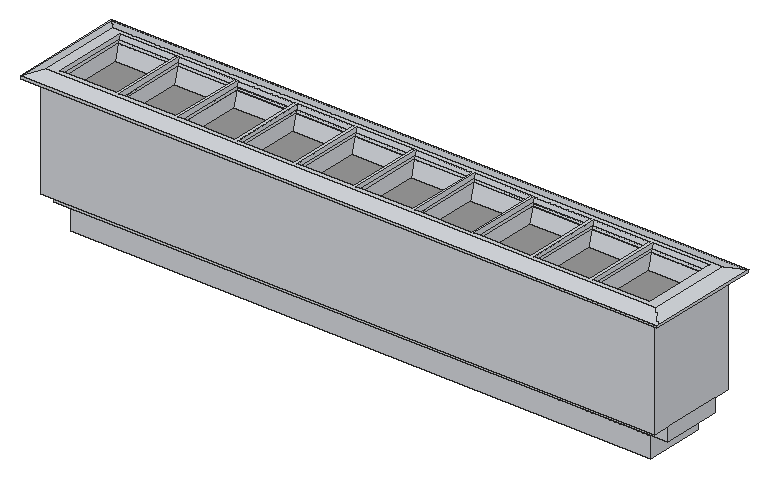
Revit family "2061195 Sylvania Lighting Fixture DOMINO 10xLED 930 BLACK MB TRIM BLACK", category Lighting Fixtures, host Face, Revit 2018
Family settings
  Host = Face
  Round Connector Dimension = Use Diameter
  Part Type = Normal
  OmniClass Number = 23.80.70.00
  OmniClass Title = Lighting
  Cut with Voids When Loaded = No
  Light Source = Yes
  Shared = No
  Room Calculation Point = No
Parameters (values of type "2061195 DOMINO 10XLED 930 BLACK MB TR BLK ")
  top top width = 15.812 mm
  top top length = 255 mm
  Width = 50 mm
  Weight = "n/a"
  Wattage Comments = ""
  Wattage = 9.2903 W
  WarrantyStartDate [instance] = "n/a"
  WarrantyGuarantorParts = "n/a"
  WarrantyDurationUnit = "n/a"
  WarrantyDurationParts = ""
  WarrantyDescription = "http://www.sylvania-lighting.com"
  built-in parameter 1150110 = 1 (stored number, unit not read)
  Voltage = 0 V
  URL = "0.95"
  TypeName = "DOMINO 10xLED 930 BLACK MB TRIM BLACK"
  Type Image = <None>
  Type Comments = "n/a"
  built-in parameter 1114217 = 1 (stored number, unit not read)
  Top Width = 26 mm
  Tilt Angle = 90.00°
  built-in parameter 1150109 = 1 (stored number, unit not read)
  built-in parameter 1150134 = 3
  built-in parameter 1150113 = 1 (stored number, unit not read)
  SerialNumber [instance] = "n/a"
  Recessed Width = 43 mm
  Recessed Length = 276 mm
  Photometric Web File = "2061195.ies"
  Material_3_FEILO = none
  PowerFactor = 0
  PowerConsumption = "Lighting"
  NominalLength = 50 mm
  NominalHeight = 0 mm
  NominalDepth = 0 mm
  Name = "DOMINO 10xLED 930 BLACK MB TRIM BLACK"
  ModelReference = Name  # "DOMINO 10xLED 930 BLACK MB TRIM BLACK"
  ModelNumber = "2061195"
  Model = Name  # "DOMINO 10xLED 930 BLACK MB TRIM BLACK"
  Material = "Feilo Sylvania"
  ManufacturerName = "62 lm/W"
  Manufacturer = ""
  LuminousEfficacy = ""
  built-in parameter 1150105 = 109.82 (stored number, unit not read)
  Lumens = 1380 lm
  LuminaireType = "0"
  built-in parameter 1150115 = 1 (stored number, unit not read)
  LightOutputRatio = "LED"
  built-in parameter 1150137 = (empty or 0)
  built-in parameter 1150139 = (empty or 0)
  Lens inside recess = 25 mm
  Lens Width = 32 mm
  Lens Outside recess = 31.978 mm
  Lens = Glass, White, High Luminance
  Length = 280 mm
  LampsType = Lamp  # "n/a"
  LampNominalLuminous = "3000 K"
  LampMacAdamStep = "90"
  LampColourTemperature = "LED"
  LampColourRenderingIndex = "16500"
  built-in parameter 1150112 = 1 (stored number, unit not read)
  built-in parameter 1150114 = 1 (stored number, unit not read)
  Lamp = "n/a"
  Keynote = "n/a"
  InstallationDate [instance] = "n/a"
  InputVoltage = "0"
  InputNominalFrequency = "3000"
  built-in parameter 1150132 = (empty or 0)
  built-in parameter 1150102 = (empty or 0)
  built-in parameter 1150107 = 3200 (stored number, unit not read)
  built-in parameter 1150138 = (empty or 0)
  IngressProtection = "IfcLightFixtureType"
  ImpactProtectionIndex = "IfcLightFixtureType"
  built-in parameter 1150106 = 1.0982 (stored number, unit not read)
  IfcExportType = "IfcLightFixtureType"
  IfcExportAs = "Class II"
  Facia internal width = 37 mm
  Facia internal length = 268 mm
  Facia Height = 2 mm
  ExpectedLife = 50000
  Emit from Circle Diameter = 609.6 mm
  Emit Shape Visible in Rendering = no
  ElectricShockClassification = "62"
  built-in parameter 1150104 = 13.8 (stored number, unit not read)
  DurationUnit = "hours"
  DocumentationLiterature = "http://www.sylvania-lighting.com/product/en-int/products/2061195"
  DimmingControlOptions = "n/a"
  Material_2_FEILO = none
  Dimming Lamp Color Temperature Shift = <None>
  Description = "Modular LED recessed linear spotlight, ideal for retail and hospitality applications. Die-cast aluminium body, passive cooling. Two levels of reflector installation, low glaring UGR<16. 10x LED source, 30° beam angle , optics: PMMA lens and polycarbonate reflector combination, Black matt reflector finish. Light color temperature: 3000K warm white, total system power: 23W , total fixture lumen output: 1425lm, efficacy: 62 lm/W, Ra90 typical, LED chromacity: 3 step MacAdam ellipse (SDCM3), lifespan: 96,000 hours at 90% of the original output (L90B10), IR/UV free light source without heat radiation, operating voltage: 220-240V / 50-60Hz, electronic driver, ultra low flicker, non-dimmable , electrical protection: Class II. Degree of Protection: IP40/IP20, suitable for indoor environment only. Ceiling cut-out: 43x43mm, outer dimensions:  280x50mm trim frame RAL 9005 - Jet black color.5 years Warranty."
  Default Elevation = 1219.2 mm
  CreatedOn = "11/02/2021"
  CreatedBy = "@sylvania-lighting.com"
  Cost = 0
  Color Filter = 16777215
  built-in parameter 1114216 [instance] = (empty or 0)
  ClassificationValue = "EF_70_80"
  ClassificationName = "Uniclass2015"
  Material_1_FEILO = none
  Body Width = 40 mm
  Body Length = 270 mm
  BarCode [instance] = "n/a"
  built-in parameter 1114218 = 1 (stored number, unit not read)
  built-in parameter 1150133 = 10 (stored number, unit not read)
  AssetType = "Fixed"
  AssetIdentifier [instance] = "n/a"
  Assembly Code = "D5020200"
  Apparent Load = 23 VA
  Material_4_FEILO = none
Reference planes
  plane 1 "Center (Front/Back)": y = 0
  plane 2: z = 0
  plane 3 "Center (Left/Right)": x = 0
  plane 4: z = 0
  plane 5: z = -7
  plane 6: z = -45.895
  plane 7: z = -51.895
  plane 8: z = -60.895
  plane 9: x = -138
  plane 10: x = 138
  plane 11: y = 21.5
  plane 12: y = -21.5
  plane 13: x = -140
  plane 14: x = 140
  plane 15: y = 25
  plane 16: y = -25
  plane 17: x = 134
  plane 18: x = -134
  plane 19: y = 18.5
  plane 20: y = -18.5
  plane 21: z = 2
  plane 22: x = -135
  plane 23: x = 135
  plane 24: y = 20
  plane 25: y = -20
  plane 26: y = 13
  plane 27: y = -13
  plane 28: x = 127.5
  plane 29: x = -127.5
  plane 30: x = -132
  plane 31: y = 16.5
  plane 32: y = -16.472
  plane 33: y = 13
  plane 34: y = -12.972
  plane 35: x = 129.7
  plane 36: x = 127.224
Forms (mm)
  Extrusion 1, solid, not visible, detail levels medium+fine
    sketch origin (4.2, 0, 0) x (1, 0, 0) y (0, 1, 0)
      loop
        line (-29.2, 34.5) -> (-29.2, -34.5) -> (20.8, -34.5) -> (20.8, 34.5) -> (-29.2, 34.5)
    from 0 to 1
  Extrusion 2, solid, not visible, detail levels medium+fine
    sketch origin (4.044, 0, 0) x (1, 0, 0) y (0, 1, 0)
      loop
        line (-29.2, 34.5) -> (-29.2, -34.5) -> (20.8, -34.5) -> (20.8, 34.5) -> (-29.2, 34.5)
    from 0 to 1
  Blend 3, solid, not visible, detail levels medium+fine
    base sketch origin (4.2, 0, 0) x (1, 0, 0) y (0, 1, 0)
      loop
        line (-29.2, 34.5) -> (-29.2, -34.5) -> (20.8, -34.5) -> (20.8, 34.5) -> (-29.2, 34.5)
    top sketch origin (4.2, 0, 0) x (1, 0, 0) y (0, 1, 0)
      loop
        line (-21.7, 28) -> (-21.7, -28) -> (13.3, -28) -> (13.3, 28) -> (-21.7, 28)
    from 1 to 3
  Extrusion 4, solid, not visible, detail levels medium+fine
    sketch origin (3.419, 0, 0) x (1, 0, 0) y (0, 1, 0)
      loop
        line (-29.2, 34.5) -> (-29.2, -34.5) -> (20.8, -34.5) -> (20.8, 34.5) -> (-29.2, 34.5)
    from 0 to 1
  Blend 5, solid, not visible, detail levels medium+fine
    base sketch origin (3.575, 0, 0) x (1, 0, 0) y (0, 1, 0)
      loop
        line (-29.2, 34.5) -> (-29.2, -34.5) -> (20.8, -34.5) -> (20.8, 34.5) -> (-29.2, 34.5)
    top sketch origin (3.575, 0, 0) x (1, 0, 0) y (0, 1, 0)
      loop
        line (-21.7, 28) -> (-21.7, -28) -> (13.3, -28) -> (13.3, 28) -> (-21.7, 28)
    from 1 to 3
  Extrusion 6, solid, not visible, detail levels medium+fine
    sketch origin (4.247, 0, 0) x (1, 0, 0) y (0, 1, 0)
      loop
        line (-29.2, 34.5) -> (-29.2, -34.5) -> (20.8, -34.5) -> (20.8, 34.5) -> (-29.2, 34.5)
    from 0 to 1
  Blend 7, solid, not visible, detail levels medium+fine
    base sketch origin (4.403, 0, 0) x (1, 0, 0) y (0, 1, 0)
      loop
        line (-29.2, 34.5) -> (-29.2, -34.5) -> (20.8, -34.5) -> (20.8, 34.5) -> (-29.2, 34.5)
    top sketch origin (4.403, 0, 0) x (1, 0, 0) y (0, 1, 0)
      loop
        line (-21.7, 28) -> (-21.7, -28) -> (13.3, -28) -> (13.3, 28) -> (-21.7, 28)
    from 1 to 3
  Extrusion 8, void, detail levels medium+fine
    sketch origin (4.2, 0, 0) x (0, 1, 0) y (1, 0, 0)
      loop
        line (21.5, -142.2) -> (21.5, 133.8) -> (-21.5, 133.8) -> (-21.5, -142.2) -> (21.5, -142.2)
    from -9.934 to 83.097
  Extrusion 9, solid, detail levels medium+fine
    sketch origin (4.2, 0, 0) x (1, 0, 0) y (0, 1, 0)
      loop
        line (-144.2, 25) -> (-144.2, -25) -> (135.8, -25) -> (135.8, 25) -> (-144.2, 25)
    from 0 to 1
  Extrusion 10, solid, detail levels medium+fine
    sketch origin (4.2, 0, 0) x (1, 0, 0) y (0, 1, 0)
      loop
        line (-139.2, 20) -> (-139.2, -20) -> (130.8, -20) -> (130.8, 20) -> (-139.2, 20)
    from 0 to -45.895
  Extrusion 11, solid, detail levels medium+fine
    sketch origin (4.2, 0, 0) x (1, 0, 0) y (0, 1, 0)
      loop
        line (-139.2, 13) -> (-139.2, -13) -> (130.8, -13) -> (130.8, 13) -> (-139.2, 13)
    from -51.895 to -45.895
  Extrusion 12, solid, material "Glass, White, High Luminance" <- "Lens", detail levels fine
    sketch origin (-53.155, 1221.106, 36.156) x (1, 0, 0) y (0, 1, 0)
      loop
        line (-76.18, -1206.856) -> (-76.18, -1232.856) -> (-52.18, -1232.856) -> (-52.18, -1206.856) -> (-76.18, -1206.856)
    from -43.156 to -42.182
  Blend 13, solid, detail levels medium+fine
    base sketch origin (4.2, 0, 0) x (1, 0, 0) y (0, 1, 0)
      loop
        line (-144.2, 25) -> (-144.2, -25) -> (135.8, -25) -> (135.8, 25) -> (-144.2, 25)
    top sketch origin (4.2, 0, 0) x (1, 0, 0) y (0, 1, 0)
      loop
        line (-138.2, 18.5) -> (-138.2, -18.5) -> (129.8, -18.5) -> (129.8, 18.5) -> (-138.2, 18.5)
    from 1 to 3
  Extrusion 14, solid, detail levels fine
    sketch origin (0, 0, 0) x (1, 0, 0) y (0, 0, 1)
      loop
        line (-127.5, -51.895) -> (-127.5, -60.895) -> (127.5, -60.895) -> (127.5, -51.895) -> (-127.5, -51.895)
    from -13 to 13
  Blend 15, void
    base sketch origin (-59.8, 0, 0) x (0, 1, 0) y (-1, 0, 0)
      loop
        line (16.5, 69.7) -> (-16.472, 69.7) -> (-16.472, 44.7) -> (16.5, 44.7) -> (16.5, 69.7)
    top sketch origin (-59.8, 0, 0) x (0, 1, 0) y (-1, 0, 0)
      loop
        line (13, 69.2) -> (-12.972, 69.2) -> (-12.972, 45.2) -> (13, 45.2) -> (13, 69.2)
    from 3 to -7
  Blend 16, void
    base sketch origin (18.282, 0, 0) x (0, 1, 0) y (-1, 0, 0)
      loop
        line (16.5, 69.7) -> (-16.472, 69.7) -> (-16.472, 44.7) -> (16.5, 44.7) -> (16.5, 69.7)
    top sketch origin (18.282, 0, 0) x (0, 1, 0) y (-1, 0, 0)
      loop
        line (13, 69.2) -> (-12.972, 69.2) -> (-12.972, 45.2) -> (13, 45.2) -> (13, 69.2)
    from 3 to -7
  Blend 17, void
    base sketch origin (44.284, -0.017, 0) x (0, 1, 0) y (-1, 0, 0)
      loop
        line (16.5, 69.7) -> (-16.472, 69.7) -> (-16.472, 44.7) -> (16.5, 44.7) -> (16.5, 69.7)
    top sketch origin (44.284, -0.017, 0) x (0, 1, 0) y (-1, 0, 0)
      loop
        line (13, 69.2) -> (-12.972, 69.2) -> (-12.972, 45.2) -> (13, 45.2) -> (13, 69.2)
    from 3 to -7
  Blend 18, void
    base sketch origin (70.327, 0, 0) x (0, 1, 0) y (-1, 0, 0)
      loop
        line (16.5, 69.7) -> (-16.472, 69.7) -> (-16.472, 44.7) -> (16.5, 44.7) -> (16.5, 69.7)
    top sketch origin (70.327, 0, 0) x (0, 1, 0) y (-1, 0, 0)
      loop
        line (13, 69.2) -> (-12.972, 69.2) -> (-12.972, 45.2) -> (13, 45.2) -> (13, 69.2)
    from 3 to -7
  Blend 19, void
    base sketch origin (96.351, 0, 0) x (0, 1, 0) y (-1, 0, 0)
      loop
        line (16.5, 69.7) -> (-16.472, 69.7) -> (-16.472, 44.7) -> (16.5, 44.7) -> (16.5, 69.7)
    top sketch origin (96.351, 0, 0) x (0, 1, 0) y (-1, 0, 0)
      loop
        line (13, 69.2) -> (-12.972, 69.2) -> (-12.972, 45.2) -> (13, 45.2) -> (13, 69.2)
    from 3 to -7
  Extrusion 20, solid, material "Glass, White, High Luminance" <- "Lens", detail levels fine
    sketch origin (-29.269, 1219.946, 36.156) x (1, 0, 0) y (0, 1, 0)
      loop
        line (-73.723, -1206.946) -> (-73.723, -1232.946) -> (-49.723, -1232.946) -> (-49.723, -1206.946) -> (-73.723, -1206.946)
    from -43.156 to -42.182
  Extrusion 21, solid, material "Glass, White, High Luminance" <- "Lens", detail levels fine
    sketch origin (-0.613, 1219.733, 36.156) x (1, 0, 0) y (0, 1, 0)
      loop
        line (-76.347, -1206.7) -> (-76.347, -1232.733) -> (-52.347, -1232.733) -> (-52.347, -1206.7) -> (-76.347, -1206.7)
    from -43.156 to -42.182
  Extrusion 22, solid, material "Glass, White, High Luminance" <- "Lens", detail levels fine
    sketch origin (24.387, 1218.509, 36.156) x (1, 0, 0) y (0, 1, 0)
      loop
        line (-75.305, -1205.509) -> (-75.305, -1231.509) -> (-51.305, -1231.509) -> (-51.305, -1205.509) -> (-75.305, -1205.509)
    from -43.156 to -42.182
  Extrusion 23, solid, material "Glass, White, High Luminance" <- "Lens", detail levels fine
    sketch origin (51.187, 1219.547, 36.156) x (1, 0, 0) y (0, 1, 0)
      loop
        line (-76.102, -1206.547) -> (-76.102, -1232.547) -> (-52.102, -1232.547) -> (-52.102, -1206.547) -> (-76.102, -1206.547)
    from -43.156 to -42.182
  Blend 24, void
    base sketch origin (-33.792, 0, 0) x (0, 1, 0) y (-1, 0, 0)
      loop
        line (16.5, 69.7) -> (-16.472, 69.7) -> (-16.472, 44.7) -> (16.5, 44.7) -> (16.5, 69.7)
    top sketch origin (-33.792, 0, 0) x (0, 1, 0) y (-1, 0, 0)
      loop
        line (13, 69.2) -> (-12.972, 69.2) -> (-12.972, 45.2) -> (13, 45.2) -> (13, 69.2)
    from 3 to -7
  Blend 25, void
    base sketch origin (-7.76, 0, 0) x (0, 1, 0) y (-1, 0, 0)
      loop
        line (16.5, 69.7) -> (-16.472, 69.7) -> (-16.472, 44.7) -> (16.5, 44.7) -> (16.5, 69.7)
    top sketch origin (-7.76, 0, 0) x (0, 1, 0) y (-1, 0, 0)
      loop
        line (13, 69.2) -> (-12.972, 69.2) -> (-12.972, 45.2) -> (13, 45.2) -> (13, 69.2)
    from 3 to -7
  Blend 26, void
    base sketch origin (122.411, 0, 0) x (0, 1, 0) y (-1, 0, 0)
      loop
        line (16.5, 69.7) -> (-16.472, 69.7) -> (-16.472, 44.7) -> (16.5, 44.7) -> (16.5, 69.7)
    top sketch origin (122.411, 0, 0) x (0, 1, 0) y (-1, 0, 0)
      loop
        line (13, 69.2) -> (-12.972, 69.2) -> (-12.972, 45.2) -> (13, 45.2) -> (13, 69.2)
    from 3 to -7
  Extrusion 27, solid, material "Glass, White, High Luminance" <- "Lens", detail levels fine
    sketch origin (77.265, 1219.547, 36.156) x (1, 0, 0) y (0, 1, 0)
      loop
        line (-76.102, -1206.547) -> (-76.102, -1232.547) -> (-52.102, -1232.547) -> (-52.102, -1206.547) -> (-76.102, -1206.547)
    from -43.156 to -42.182
  Extrusion 28, solid, material "Glass, White, High Luminance" <- "Lens", detail levels fine
    sketch origin (100.753, 1219.547, 36.156) x (1, 0, 0) y (0, 1, 0)
      loop
        line (-76.102, -1206.547) -> (-76.102, -1232.547) -> (-52.102, -1232.547) -> (-52.102, -1206.547) -> (-76.102, -1206.547)
    from -43.156 to -42.182
  Extrusion 29, solid, material "Glass, White, High Luminance" <- "Lens", detail levels fine
    sketch origin (129.314, 1219.547, 36.156) x (1, 0, 0) y (0, 1, 0)
      loop
        line (-76.102, -1206.547) -> (-76.102, -1232.547) -> (-52.102, -1232.547) -> (-52.102, -1206.547) -> (-76.102, -1206.547)
    from -43.156 to -42.182
  Blend 30, void
    base sketch origin (148.416, 0, 0) x (0, 1, 0) y (-1, 0, 0)
      loop
        line (16.5, 69.7) -> (-16.472, 69.7) -> (-16.472, 44.7) -> (16.5, 44.7) -> (16.5, 69.7)
    top sketch origin (148.416, 0, 0) x (0, 1, 0) y (-1, 0, 0)
      loop
        line (13, 69.2) -> (-12.972, 69.2) -> (-12.972, 45.2) -> (13, 45.2) -> (13, 69.2)
    from 3 to -7
  Extrusion 31, solid, material "Glass, White, High Luminance" <- "Lens", detail levels fine
    sketch origin (155.278, 1219.547, 36.156) x (1, 0, 0) y (0, 1, 0)
      loop
        line (-76.102, -1206.547) -> (-76.102, -1232.547) -> (-52.102, -1232.547) -> (-52.102, -1206.547) -> (-76.102, -1206.547)
    from -43.156 to -42.182
  Blend 32, void
    base sketch origin (174.42, 0, 0) x (0, 1, 0) y (-1, 0, 0)
      loop
        line (16.5, 69.7) -> (-16.472, 69.7) -> (-16.472, 44.7) -> (16.5, 44.7) -> (16.5, 69.7)
    top sketch origin (174.42, 0, 0) x (0, 1, 0) y (-1, 0, 0)
      loop
        line (13, 69.2) -> (-12.972, 69.2) -> (-12.972, 45.2) -> (13, 45.2) -> (13, 69.2)
    from 3 to -7
  Extrusion 33, solid, material "Glass, White, High Luminance" <- "Lens", detail levels fine
    sketch origin (181.434, 1219.547, 36.156) x (1, 0, 0) y (0, 1, 0)
      loop
        line (-76.214, -1206.547) -> (-76.214, -1232.547) -> (-52.214, -1232.547) -> (-52.214, -1206.547) -> (-76.214, -1206.547)
    from -43.156 to -42.182
  Extrusion 34, solid, detail levels coarse
    sketch origin (4.2, 0, 0) x (1, 0, 0) y (0, 1, 0)
      loop
        line (-144.2, 25) -> (-144.2, -25) -> (135.8, -25) -> (135.8, 25) -> (-144.2, 25)
    from -60.895 to 3
Cuts and joins
  Blend 15, Blend 16, Blend 17, Blend 18, Blend 19, Blend 24, Blend 25, Blend 26, Blend 30, Blend 32 cuts Extrusion 9
  Blend 15, Blend 16, Blend 17, Blend 18, Blend 19, Blend 24, Blend 25, Blend 26, Blend 30, Blend 32 cuts Extrusion 10
  Blend 15, Blend 16, Blend 17, Blend 18, Blend 19, Blend 24, Blend 25, Blend 26, Blend 30, Blend 32 cuts Blend 13
  Blend 32 cuts Extrusion 31
Dimensions and locks
  "Recessed Length": plane 9 to plane 10
  equal spacing: plane 9, plane 3 "Center (Left/Right)", plane 10
  "Length": plane 13 to plane 14
  equal spacing: plane 13, plane 3 "Center (Left/Right)", plane 14
  "Recessed Width": plane 11 to plane 12
  equal spacing: plane 11, plane 1 "Center (Front/Back)", plane 12
  "Width": plane 15 to plane 16
  equal spacing: plane 15, plane 1 "Center (Front/Back)", plane 16
  "Facia internal length": plane 18 to plane 17
  equal spacing: plane 18, plane 3 "Center (Left/Right)", plane 17
  "Facia internal width": plane 19 to plane 20
  equal spacing: plane 19, plane 1 "Center (Front/Back)", plane 20
  "Facia Height": plane 21 to host face
  "Body Length": plane 22 to plane 23
  equal spacing: plane 22, plane 3 "Center (Left/Right)", plane 23
  "Body Width": plane 24 to plane 25
  equal spacing: plane 24, plane 1 "Center (Front/Back)", plane 25
  "Top Width": plane 26 to plane 27
  equal spacing: plane 26, plane 1 "Center (Front/Back)", plane 27
  "top top length": plane 29 to plane 28
  equal spacing: plane 29, plane 3 "Center (Left/Right)", plane 28  (x2)
  plane 28 to plane 29 = 255 mm
  equal spacing: plane 28, plane 3 "Center (Left/Right)", plane 29
  aligned and locked: plane 2 to host face
  aligned and locked: level to host face
  aligned and locked: Extrusion 11 to plane 7
  aligned and locked: Extrusion 10 to plane 6
  aligned and locked: Extrusion 12 to plane 5
Automatic sketch dimensions
  Extrusion 1 sketch curve to Extrusion 1 sketch curve = 50 mm
  Extrusion 1 sketch curve to Extrusion 1 sketch curve = 69 mm
  Extrusion 2 sketch curve to Extrusion 2 sketch curve = 50 mm
  Extrusion 2 sketch curve to Extrusion 2 sketch curve = 69 mm
  Blend 3 sketch curve to Blend 3 sketch curve = 50 mm
  Blend 3 sketch curve to Blend 3 sketch curve = 69 mm
  Blend 3 sketch curve to Blend 3 sketch curve = 35 mm
  Blend 3 sketch curve to Blend 3 sketch curve = 56 mm
  Extrusion 4 sketch curve to Extrusion 4 sketch curve = 50 mm
  Extrusion 4 sketch curve to Extrusion 4 sketch curve = 69 mm
  Blend 5 sketch curve to Blend 5 sketch curve = 50 mm
  Blend 5 sketch curve to Blend 5 sketch curve = 69 mm
  Blend 5 sketch curve to Blend 5 sketch curve = 35 mm
  Blend 5 sketch curve to Blend 5 sketch curve = 56 mm
  Extrusion 6 sketch curve to Extrusion 6 sketch curve = 50 mm
  Extrusion 6 sketch curve to Extrusion 6 sketch curve = 69 mm
  Blend 7 sketch curve to Blend 7 sketch curve = 50 mm
  Blend 7 sketch curve to Blend 7 sketch curve = 69 mm
  Blend 7 sketch curve to Blend 7 sketch curve = 35 mm
  Blend 7 sketch curve to Blend 7 sketch curve = 56 mm
  host sketch curve to host sketch curve = 2438.4 mm  (x2)
  Extrusion 8 sketch curve to plane 9 = 0 mm
  Extrusion 8 sketch curve to plane 12 = 0 mm
  Extrusion 8 sketch curve to plane 11 = 0 mm
  Extrusion 8 sketch curve to plane 10 = 0 mm
  Extrusion 9 sketch curve to plane 13 = 0 mm
  Extrusion 9 sketch curve to plane 14 = 0 mm
  Extrusion 9 sketch curve to plane 16 = 0 mm
  Extrusion 9 sketch curve to plane 15 = 0 mm
  Extrusion 10 sketch curve to plane 22 = 0 mm
  Extrusion 10 sketch curve to plane 23 = 0 mm
  Extrusion 10 sketch curve to plane 25 = 0 mm
  Extrusion 10 sketch curve to plane 24 = 0 mm
  Extrusion 11 sketch curve to plane 22 = 0 mm
  Extrusion 11 sketch curve to plane 23 = 0 mm
  Extrusion 11 sketch curve to plane 27 = 0 mm
  plane 26 to Extrusion 11 sketch curve = 0 mm
  plane 27 to Extrusion 12 sketch curve = 1.25 mm
  plane 26 to Extrusion 12 sketch curve = 1.25 mm
  plane 30 to Extrusion 12 sketch curve = 2.665 mm
  Blend 13 sketch curve to plane 13 = 0 mm
  Blend 13 sketch curve to plane 14 = 0 mm
  Blend 13 sketch curve to plane 16 = 0 mm
  Blend 13 sketch curve to plane 15 = 0 mm
  Blend 13 sketch curve to plane 18 = 0 mm
  Blend 13 sketch curve to plane 17 = 0 mm
  Blend 13 sketch curve to plane 20 = 0 mm
  Blend 13 sketch curve to plane 19 = 0 mm
  Extrusion 14 sketch curve to plane 8 = 0 mm
  Extrusion 14 sketch curve to plane 29 = 0 mm
  Extrusion 14 sketch curve to plane 28 = 0 mm
  Extrusion 14 sketch curve to plane 7 = 0 mm
  plane 30 to Blend 15 sketch curve = 2.5 mm
  Blend 15 sketch curve to plane 32 = 0 mm
  Blend 15 sketch curve to plane 31 = 0 mm
  Blend 15 sketch curve to plane 34 = 0 mm
  Blend 15 sketch curve to plane 26 = 0 mm
  plane 30 to Blend 15 sketch curve = 3 mm
  Blend 16 sketch curve to plane 32 = 0 mm
  Blend 16 sketch curve to plane 31 = 0 mm
  Blend 16 sketch curve to plane 34 = 0 mm
  Blend 16 sketch curve to plane 26 = 0 mm
  Blend 17 sketch curve to plane 32 = 0.017 mm
  Blend 17 sketch curve to plane 31 = 0.017 mm
  plane 27 to Blend 17 sketch curve = 0.011 mm
  Blend 17 sketch curve to plane 26 = 0.017 mm
  plane 32 to Blend 18 sketch curve = 0 mm
  plane 31 to Blend 18 sketch curve = 0 mm
  plane 34 to Blend 18 sketch curve = 0 mm
  plane 26 to Blend 18 sketch curve = 0 mm
  Blend 19 sketch curve to plane 32 = 0 mm
  Blend 19 sketch curve to plane 31 = 0 mm
  Blend 19 sketch curve to plane 34 = 0 mm
  Blend 19 sketch curve to plane 26 = 0 mm
  Extrusion 20 sketch curve to plane 27 = 0 mm
  Extrusion 20 sketch curve to plane 26 = 0 mm
  Extrusion 21 sketch curve to plane 27 = 0 mm
  plane 26 to Extrusion 21 sketch curve = 0.033 mm
  Extrusion 22 sketch curve to plane 27 = 0 mm
  Extrusion 22 sketch curve to plane 26 = 0 mm
  Extrusion 23 sketch curve to plane 27 = 0 mm
  Extrusion 23 sketch curve to plane 26 = 0 mm
  Blend 24 sketch curve to plane 32 = 0 mm
  Blend 24 sketch curve to plane 31 = 0 mm
  Blend 24 sketch curve to plane 34 = 0 mm
  Blend 24 sketch curve to plane 26 = 0 mm
  Blend 25 sketch curve to plane 32 = 0 mm
  Blend 25 sketch curve to plane 31 = 0 mm
  Blend 25 sketch curve to plane 34 = 0 mm
  Blend 25 sketch curve to plane 26 = 0 mm
  Blend 26 sketch curve to plane 32 = 0 mm
  Blend 26 sketch curve to plane 31 = 0 mm
  Blend 26 sketch curve to plane 34 = 0 mm
  Blend 26 sketch curve to plane 26 = 0 mm
  Extrusion 27 sketch curve to plane 27 = 0 mm
  Extrusion 27 sketch curve to plane 26 = 0 mm
  Extrusion 28 sketch curve to plane 27 = 0 mm
  Extrusion 28 sketch curve to plane 26 = 0 mm
  Extrusion 29 sketch curve to plane 27 = 0 mm
  Extrusion 29 sketch curve to plane 26 = 0 mm
  Blend 30 sketch curve to plane 32 = 0 mm
  Blend 30 sketch curve to plane 31 = 0 mm
  Blend 30 sketch curve to plane 34 = 0 mm
  Blend 30 sketch curve to plane 26 = 0 mm
  Extrusion 31 sketch curve to plane 27 = 0 mm
  Extrusion 31 sketch curve to plane 26 = 0 mm
  Blend 32 sketch curve to plane 32 = 0 mm
  Blend 32 sketch curve to plane 31 = 0 mm
  plane 28 to Blend 32 sketch curve = 2.22 mm
  Blend 32 sketch curve to plane 34 = 0 mm
  Blend 32 sketch curve to plane 26 = 0 mm
  plane 28 to Blend 32 sketch curve = 1.72 mm
  plane 27 to Extrusion 33 sketch curve = 0 mm
  plane 26 to Extrusion 33 sketch curve = 0 mm
  plane 28 to Extrusion 33 sketch curve = 1.72 mm
  Extrusion 21 sketch curve to Extrusion 21 sketch curve = 24 mm
  Blend 25 sketch curve to Blend 25 sketch curve = 24 mm
  plane 29 to Extrusion 12 sketch curve = 22.165 mm
  plane 29 to Blend 15 sketch curve = 23 mm
  plane 29 to Blend 15 sketch curve = 22.5 mm
  plane 29 to Extrusion 20 sketch curve = 24.508 mm
  Extrusion 20 sketch curve to Extrusion 20 sketch curve = 24 mm
  plane 29 to Blend 24 sketch curve = 49.008 mm
  plane 29 to Blend 24 sketch curve = 24.008 mm
  plane 29 to Blend 24 sketch curve = 48.508 mm
  Blend 24 sketch curve to Blend 24 sketch curve = 24 mm
  Blend 25 sketch curve to Blend 25 sketch curve = 25 mm
  Blend 16 sketch curve to Blend 16 sketch curve = 25 mm
  Blend 16 sketch curve to Blend 16 sketch curve = 24 mm
  plane 29 to Extrusion 21 sketch curve = 50.54 mm
  Extrusion 22 sketch curve to Extrusion 22 sketch curve = 24 mm
  Blend 16 sketch curve to plane 3 "Center (Left/Right)" = 26.418 mm
  Blend 16 sketch curve to plane 3 "Center (Left/Right)" = 26.918 mm
  Blend 17 sketch curve to plane 3 "Center (Left/Right)" = 0.416 mm
  Blend 17 sketch curve to Blend 17 sketch curve = 25 mm
  Blend 17 sketch curve to plane 3 "Center (Left/Right)" = 0.916 mm
  Blend 17 sketch curve to Blend 17 sketch curve = 24 mm
  plane 3 "Center (Left/Right)" to Blend 18 sketch curve = 0.627 mm
  plane 3 "Center (Left/Right)" to Blend 18 sketch curve = 1.127 mm
  Extrusion 22 sketch curve to plane 3 "Center (Left/Right)" = 50.918 mm
  Extrusion 23 sketch curve to plane 3 "Center (Left/Right)" = 24.916 mm
  Extrusion 23 sketch curve to plane 3 "Center (Left/Right)" = 0.916 mm
  Blend 25 sketch curve to plane 3 "Center (Left/Right)" = 52.46 mm
  Blend 25 sketch curve to plane 3 "Center (Left/Right)" = 52.96 mm
  plane 3 "Center (Left/Right)" to Extrusion 27 sketch curve = 1.162 mm
  Blend 18 sketch curve to Blend 18 sketch curve = 25 mm
  Blend 18 sketch curve to Blend 18 sketch curve = 24 mm
  plane 3 "Center (Left/Right)" to Blend 19 sketch curve = 51.651 mm
  Blend 19 sketch curve to Blend 19 sketch curve = 25 mm
  plane 3 "Center (Left/Right)" to Blend 19 sketch curve = 51.151 mm
  Blend 19 sketch curve to Blend 19 sketch curve = 24 mm
  Blend 26 sketch curve to plane 36 = 49.513 mm
  Blend 26 sketch curve to Blend 26 sketch curve = 25 mm
  Blend 26 sketch curve to plane 36 = 50.013 mm
  Blend 26 sketch curve to Blend 26 sketch curve = 24 mm
  Extrusion 27 sketch curve to Extrusion 27 sketch curve = 24 mm
  plane 3 "Center (Left/Right)" to Extrusion 28 sketch curve = 24.651 mm
  Extrusion 28 sketch curve to Extrusion 28 sketch curve = 24 mm
  plane 3 "Center (Left/Right)" to Extrusion 29 sketch curve = 53.211 mm
  Extrusion 29 sketch curve to Extrusion 29 sketch curve = 24 mm
  Blend 30 sketch curve to plane 36 = 23.508 mm
  Blend 30 sketch curve to Blend 30 sketch curve = 25 mm
  Blend 30 sketch curve to plane 36 = 24.008 mm
  Blend 30 sketch curve to Blend 30 sketch curve = 24 mm
  Extrusion 31 sketch curve to plane 36 = 48.048 mm
  Extrusion 31 sketch curve to Extrusion 31 sketch curve = 24 mm
  Blend 32 sketch curve to plane 36 = 22.504 mm
  Blend 32 sketch curve to plane 36 = 22.004 mm
  Extrusion 33 sketch curve to plane 36 = 22.004 mm
  Extrusion 34 sketch curve to plane 13 = 0 mm
  Extrusion 34 sketch curve to plane 14 = 0 mm
  Extrusion 34 sketch curve to plane 16 = 0 mm
  Extrusion 34 sketch curve to plane 15 = 0 mm
Connectors
  electrical at (0, 0, -60.895)
    settings: on Extrusion 14, index 1, voltage 0 V, apparent load 0 VA, apparent load phase1 0 VA, apparent load phase2 0 VA, apparent load phase3 0 VA, power factor 1, load classification "Other", number of poles 1, system type 31, power factor state 1, is connector primary yes, connector utility no, sub classification motor no, connector description ""
